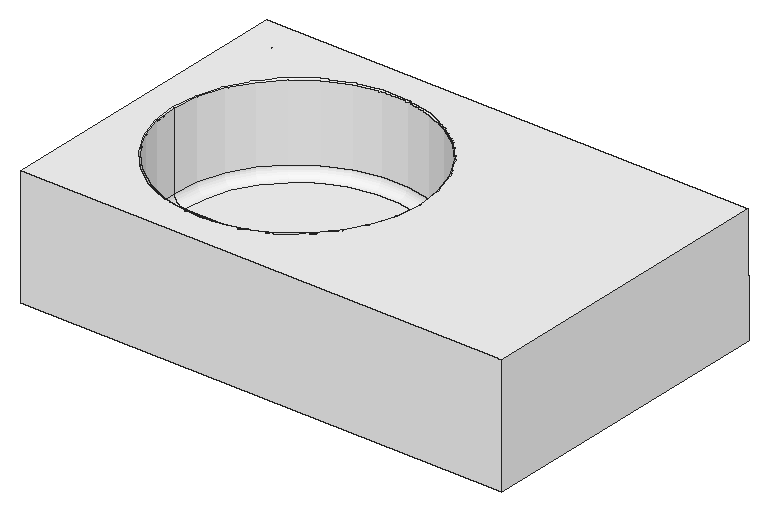
Revit family "Reece_Basin_Omvivo_Neo_Wall Basin_Mini_470 mm", category Plumbing Fixtures, Revit 2018
Family settings
  Round Connector Dimension = Use Diameter
  Part Type = Normal
  Work Plane-Based = Yes
  Always vertical = Yes
  Cut with Voids When Loaded = Yes
  Shared = No
  Room Calculation Point = No
Parameters
  URL = "https://www.reece.com.au/product/-1967605"
  Type Comments = "Basin"
  Reece_Product_Web Page = "https://www.reece.com.au/product/-1967605"
  Reece_Product_Type = "Basin"  # constant formula
  Reece_Product_Sub Brand = "Neo"  # constant formula
  Reece_Product_Number = "1967605"
  Reece_Product_Mount = "Wall Mounted"
  Reece_Product_Description = "Omvivo Neo Mini Solid Surface Wall Basin Left Hand Bowl 1 Taphole 470mm White"
  Reece_Product_Brand = "Omvivo"  # constant formula
  Reece_Overall_Width = 470 mm  # constant formula
  Reece_Overall_Height = 115 mm  # constant formula
  Reece_Overall_Depth = 300 mm  # constant formula
  Reece_Overall_Capacity = 1.00 L  # constant formula
  Reece_Material_Secondary = Reece_Brass_Chrome
  Reece_Material_Main = Reece_Solid_Surface_Matte_White
  Reece_Height_From_Level = 900 mm
  Reece_Detail_Installation = "Wall Basin"  # constant formula
  Reece_Detail_Disclaimer = "THIS FILE IS THE PROPERTY OF THE REECE GROUP. IT MAY NOT BE REPRODUCED, REVERSE-ENGINEERED OR MODIFIED. ANY REPUBLICATION, TRANSMISSION OR DISTRIBUTION FOR THE PURPOSE OF COMMERCIALLY EXPLOITING THE FILES IS PROHIBITED."  # constant formula
  Reece_Detail_Connector = "1 Taphole"
  Reece_Detail_Additional = "Integrated Overflow"  # constant formula
  Model = "Neo"
  Manufacturer = "Omvivo"
  Keynote = "Product #1967605, Reece_Basin_Omvivo_Neo_Wall Basin_Mini_470 mm -  "
  Disclaimer = "THIS FILE IS THE PROPERTY OF THE REECE GROUP. IT MAY NOT BE REPRODUCED, REVERSE-ENGINEERED OR MODIFIED. ANY REPUBLICATION, TRANSMISSION OR DISTRIBUTION FOR THE PURPOSE OF COMMERCIALLY EXPLOITING THE FILES IS PROHIBITED."  # constant formula
  Description = "Omvivo Neo Mini Solid Surface Wall Basin Left Hand Bowl 1 Taphole 470mm White"
  Default Elevation = 0 mm
  Basin_Type = Reece_Basin_Omvivo_Neo_Wall Basin_Mini_470 mm_Left Hand_Nested : 1 Taphole
  Basin_Outlet_Right_Bowl = 0 mm
  Basin_Outlet_Left_Bowl = 40 mm
Types (5, lengths in mm): name | URL | Reece_Product_Web Page | Reece_Product_Number | Reece_Product_Description | Reece_Detail_Connector | Keynote | Description | Basin_Type | Basin_Outlet_Right_Bowl | Basin_Outlet_Left_Bowl
  (no name) | "https://www.reece.com.au/product/-1967605" | "https://www.reece.com.au/product/-1967605" | "1967605" | "Omvivo Neo Mini Solid Surface Wall Basin Left Hand Bowl 1 Taphole 470mm White" | "1 Taphole" | "Product #1967605, Reece_Basin_Omvivo_Neo_Wall Basin_Mini_470 mm -  " | "Omvivo Neo Mini Solid Surface Wall Basin Left Hand Bowl 1 Taphole 470mm White" | Reece_Basin_Omvivo_Neo_Wall Basin_Mini_470 mm_Left Hand_Nested : 1 Taphole | 0 | 40
  No Taphole_Right Hand Bowl_White | "https://www.reece.com.au/product/-1967604" | "https://www.reece.com.au/product/-1967604" | "1967604" | "Omvivo Neo Mini Solid Surface Wall Basin Right Hand Bowl No Taphole 470mm White" | "No Taphole" | "Product #1967604, Reece_Basin_Omvivo_Neo_Wall Basin_Mini_470 mm - No Taphole_Right Hand Bowl_White" | "Omvivo Neo Mini Solid Surface Wall Basin Right Hand Bowl No Taphole 470mm White" | Reece_Basin_Omvivo_Neo_Wall Basin_Mini_470 mm_Right Hand_Nested : No Taphole_Right Hand Bowl_White | 40 | 0
  No Taphole_Left Hand Bowl_White | "https://www.reece.com.au/product/-1967603" | "https://www.reece.com.au/product/-1967603" | "1967603" | "Omvivo Neo Mini Solid Surface Wall Basin Left Hand Bowl No Taphole 470mm White" | "No Taphole" | "Product #1967603, Reece_Basin_Omvivo_Neo_Wall Basin_Mini_470 mm - No Taphole_Left Hand Bowl_White" | "Omvivo Neo Mini Solid Surface Wall Basin Left Hand Bowl No Taphole 470mm White" | Reece_Basin_Omvivo_Neo_Wall Basin_Mini_470 mm_Left Hand_Nested : No Taphole | 0 | 40
  1 Taphole_Left Hand Bowl_White | "https://www.reece.com.au/product/-1967605" | "https://www.reece.com.au/product/-1967605" | "1967605" | "Omvivo Neo Mini Solid Surface Wall Basin Left Hand Bowl 1 Taphole 470mm White" | "1 Taphole" | "Product #1967605, Reece_Basin_Omvivo_Neo_Wall Basin_Mini_470 mm - 1 Taphole_Left Hand Bowl_White" | "Omvivo Neo Mini Solid Surface Wall Basin Left Hand Bowl 1 Taphole 470mm White" | Reece_Basin_Omvivo_Neo_Wall Basin_Mini_470 mm_Left Hand_Nested : 1 Taphole | 0 | 40
  1 Taphole_Right Hand Bowl_White | "https://www.reece.com.au/product/-1967606" | "https://www.reece.com.au/product/-1967606" | "1967606" | "Omvivo Neo Mini Solid Surface Wall Basin Right Hand Bowl 1 Taphole 470mm White" | "1 Taphole" | "Product #1967606, Reece_Basin_Omvivo_Neo_Wall Basin_Mini_470 mm - 1 Taphole_Right Hand Bowl_White" | "Omvivo Neo Mini Solid Surface Wall Basin Right Hand Bowl 1 Taphole 470mm White" | Reece_Basin_Omvivo_Neo_Wall Basin_Mini_470 mm_Right Hand_Nested : 1 Taphole_Right Hand Bowl_White | 40 | 0
Reference planes
  plane 1 "Center (Front/Back)": y = 0
  plane 2 "Bottom Host Plane": z = -5
  plane 3 "Center (Left/Right)": x = 0
  plane 4: x = -235
  plane 5: x = 235
  plane 6 "high from floor": z = 900
  plane 7: y = -300
  plane 8: y = -150
  plane 9: z = 850
  plane 10: x = 175
  plane 11: x = -175
  plane 12: z = 785
  plane 13: y = -270
  plane 14: y = -30
  plane 15: x = 85
Lines and regions (mm)
  model lines, style "InvisibleLines"
    curve 1: line (0, 0, -5) -> (0, 0, 900)
    curve 2: line (0, 0, -5) -> (0, 0, 900)
Text (mm)
  text "Reece ©" at (2750.254, -2396.412, 2870.147), in view "Reece Preview"
  text "Reece Copyright © 2018, Reece Ltd." at (-615.985, -694.172, 0), in view "Ref. Level"
Dimensions and locks
  "Reece_Overall_Width": plane 4 to plane 5
  equal spacing: plane 4, plane 3 "Center (Left/Right)", plane 5
  "Reece_Height_From_Level": plane 6 "high from floor" to level
  "Reece_Overall_Depth": plane 7 to plane 1 "Center (Front/Back)"
  equal spacing: plane 7, plane 8, plane 1 "Center (Front/Back)"
  "Reece_Overall_Height": plane 6 "high from floor" to plane 12
  locked: plane 9 to plane 6 "high from floor" at 50
  plane 10 to plane 5 = 60 mm
  plane 11 to plane 4 = 60 mm
  plane 8 to plane 1 "Center (Front/Back)" = 150 mm
  plane 15 to plane 5 = 150 mm
  "Reece_Overall_Width": nested 1 to plane 4
  "Reece_Overall_Height": plane 6 "high from floor" to nested 1
  "Reece_Overall_Depth": nested 1 to plane 7
  plane 8 to plane 14 to curve 2 = 120 mm, 30 mm
  plane 14 to plane 13 = 240 mm
  aligned and locked: plane 6 "high from floor" to curve 1
  aligned and locked: plane 2 "Bottom Host Plane" to curve 1
Automatic sketch dimensions
  curve 1 to plane 1 "Center (Front/Back)" = 0 mm
  curve 2 to plane 2 "Bottom Host Plane" = 0 mm
  curve 2 to plane 6 "high from floor" = 0 mm
Nested families
  nested 1: "Reece_Basin_Omvivo_Neo_Wall Basin_Mini_470 mm_Left Hand_Nested" at (0, 0, 900), type <- "Basin_Type", Reece_Material_Main <- "Reece_Material_Main", Reece_Material_Secondary <- "Reece_Material_Secondary", type "1 Taphole"
    with Reece_Material_Secondary Reece_Brass_Chrome, Reece_Material_Main Reece_Solid_Surface_Matte_White
Connectors
  piping at (85, -150, 814.064), driven by "Basin_Outlet_Right_Bowl"
    settings: on nested 1, index 1, connector diameter 0 mm, connector inside diameter 609.6 mm, connector length 0 mm, flow factor 0, pipe flow 0.0 L/s, pressure drop 0.0 Pa, fitting loss kfactor 0, connector angle 0.00°, fixture units 0, engagement length 0 mm, angle of deflection 0.00°, flow configuration 0, flow direction 1, fitting loss method 0, system type 16, joint type 0, gender type 0, connector reference index -1, connector utility 0, adjustable connector no, is connector primary yes, connector description ""
  piping at (-85, -150, 813.439), diameter 40, driven by "Basin_Outlet_Left_Bowl"
    settings: on nested 1, index 2, connector inside diameter 609.6 mm, connector length 0 mm, flow factor 0, pipe flow 0.0 L/s, pressure drop 0.0 Pa, fitting loss kfactor 0, connector angle 0.00°, fixture units 0, engagement length 0 mm, angle of deflection 0.00°, flow configuration 0, flow direction 2, fitting loss method 0, system type 16, joint type 0, gender type 0, connector reference index -1, connector utility 0, adjustable connector no, is connector primary no, connector description ""
Definition of nested family "Reece_Basin_Omvivo_Neo_Wall Basin_Mini_470 mm_Left Hand_Nested"
  Parameters (values of type "No Taphole")
    Waste Connection = no
    WFU = 0
    Vent Connection = no
    URL = ""
    Type Comments = ""
    Reece_Taphole 0 = not(Reece_Basin_Taphole 1)  # yes
    Reece_Material_Secondary [instance] = none
    Reece_Material_Main [instance] = none
    Reece_Basin_Taphole 1 = no
    Model = ""
    Manufacturer = ""
    Keynote = ""
    HWFU = 0
    HW Connection = no
    Description = ""
    Default Elevation = 0 mm
    Cost = 0
    CWFU = 0
    CW Connection = no
    Assembly Code = ""
  Types (2, lengths in mm): name | Reece_Taphole 0 | Reece_Basin_Taphole 1
    No Taphole | yes | no
    1 Taphole | no | yes
  Reference planes
    plane 1 "Center (Front/Back)": y = 0
    plane 2 "Bottom Host Plane": z = -5
    plane 3 "Center (Left/Right)": x = 0
    plane 4 "high from floor": z = 0
    plane 5: y = -300
    plane 6: y = -150
    plane 7: z = -50
    plane 8: z = -115
    plane 9: y = -150
    plane 10: y = -30
    plane 11: y = -270
  Forms (mm)
    Extrusion 1, void
      sketch origin (0, 0, 0) x (1, 0, 0) y (0, 0, 1)
        loop
          circle (175, -50) r 7.5
        loop
          circle (-175, -50) r 7.5
      from -21.749 to 37.128
    Sweep 2, solid, material <- "Reece_Material_Main"
      path origin (0, 0, 0) x (0, 1, 0) y (-1, 0, 0)
        loop
          line (0, 235) -> (-300, 235) -> (-300, -235) -> (0, -235) -> (0, 235)
      profile origin (0, 0, 0) x (0, 1, 0) y (0, 0, 1)
        loop
          line (0, 0) -> (-70, 0) -> (-70, -10) -> (-19.768, -10)
          arc (-19.768, -10) -> (-16.317, -11.381) -> (-14.773, -14.762) r 5
          line (-14.773, -14.762) -> (-10, -115) -> (0, -115) -> (0, 0)
    Extrusion 3, solid, material <- "Reece_Material_Main"
      sketch origin (0, 0, 0) x (0, 1, 0) y (-1, 0, 0)
        loop
          line (-70, 165) -> (-230, 165) -> (-230, -165) -> (-70, -165) -> (-70, 165)
      from -10 to 0
    Extrusion 4, void
      sketch origin (0, 0, 0) x (0, 1, 0) y (-1, 0, 0)
        loop
          circle (-150, 85) r 129
      from -103.027 to 18.432
    Revolve 5, solid, material <- "Reece_Material_Main"
      sketch origin (0, -150, 0) x (1, 0, 0) y (0, 0, 1)
        loop
          arc (36.023, 0) -> (35.358, -0.24) -> (35, -0.85) r 1.041
          line (35, -0.85) -> (35, -75)
          arc (35, -75) -> (32.071, -82.071) -> (25, -85) r 10
          line (25, -85) -> (-58.041, -85)
          arc (-58.041, -85) -> (-60.86, -86.168) -> (-62.028, -88.987) r 3.987
          line (-62.028, -88.987) -> (-62.028, -94) -> (29, -94)
          arc (29, -94) -> (39.607, -89.607) -> (44, -79) r 15
          line (44, -79) -> (44, 0) -> (36.023, 0)
        axis (-85, 0) -> (-85, -94)
      angle from 0 to 360
    Revolve 6, solid, material <- "Reece_Material_Secondary"
      sketch origin (-85, -150, 815.551) x (1, 0, 0) y (0, 0, 1)
        loop
          line (0, -900.24) -> (0, -894.534)
          arc (0, -894.534) -> (-11.682, -894.95) -> (-23.257, -896.585) r 111.731
          arc (-23.257, -896.585) -> (-24.508, -897.33) -> (-25, -898.701) r 2.155
          line (-25, -898.701) -> (-25, -900.24) -> (-19.618, -900.24) -> (-18.937, -902.111) -> (-15.516, -902.111) -> (-15.516, -900.24) -> (0, -900.24)
        axis (0, -894.534) -> (0, -902.111)
      angle from 0 to 360
    Extrusion 7, void
      sketch origin (0, 0, 0) x (0, 1, 0) y (0, 0, 1)
        loop
          line (-130, -22.321) -> (-170, -22.321)
          arc (-170, -22.321) -> (-172.5, -24.821) -> (-170, -27.321) r 2.5
          line (-170, -27.321) -> (-130, -27.321)
          arc (-130, -27.321) -> (-127.5, -24.821) -> (-130, -22.321) r 2.5
      from -16.458 to 75
  Cuts and joins
    Extrusion 1, Extrusion 4 cuts Sweep 2
    Extrusion 4 cuts Extrusion 3
    Extrusion 7 cuts Revolve 5
    joined: Sweep 2, Extrusion 3, Revolve 5
  Lines and regions (mm)
    model lines
      curve 1: line (0, 0, -5) -> (0, 0, 0)
    model lines, visible <- "Reece_Basin_Taphole 1"
      curve 2: circle (0, -30, 0) r 17.5 normal (0, 0, 1)
  Text (mm)
    text "Reece ©" at (2750.254, -2396.412, 2870.147), in view "Reece Preview"
    text "Reece Copyright © 2018, Reece Ltd." at (-465.366, -457.484, 0), in view "Ref. Level"
